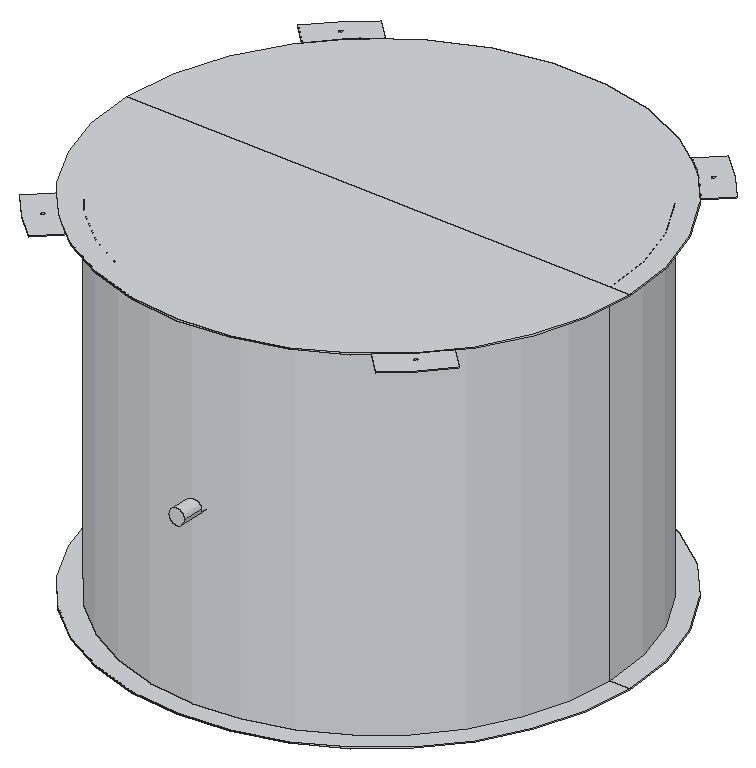
Revit family "VAD_Upblast_Ceiling_Mount", category Mechanical Equipment, Revit 2019
Family settings
  Round Connector Dimension = Use Radius
  Part Type = Normal
  Work Plane-Based = No
  Always vertical = Yes
  Cut with Voids When Loaded = No
  Shared = No
  Room Calculation Point = No
Parameters (values of type "60_VAD_UPBLAST_CEILING")
  Unit Weight [instance] = ""
  ModelID [instance] = ""
  L/2 = L / 2  # 2' - 0 7/32"
  J/2 = J / 2  # 2' - 10 1/4"
  J-A = J - A  # 0' - 8 1/2"
  J = 5' - 8 1/2"
  K/2 = K / 2  # 0' - 0 7/32"
  K = 0' - 0 7/16"
  L-(C/2) = L - (C / 2)  # 1' - 4 13/16"
  L = 4' - 0 7/16"
  H-(A/2) = H - (A / 2)  # 2' - 11"
  H+L = H + L  # 9' - 5 7/16"
  H = 5' - 5"
  Sones [instance] = ""
  Motor RPM [instance] = ""
  Motor Enclosure [instance] = ""
  LwA [instance] = ""
  G = 16' - 0"
  Fan RPM [instance] = ""
  F/2 = F / 2  # 0' - 0 9/32"
  F = 0' - 0 9/16"
  E/2 = E / 2  # 1' - 11"
  E-2" = E - 0' 2"  # 3' - 8"
  E-.125" = E - 0' 0 1/8"  # 3' - 9 7/8"
  E = 3' - 10"
  C/2+L = C / 2 + L  # 6' - 8 1/16"
  C/2 = C / 2  # 2' - 7 5/8"
  C = 5' - 3 1/4"
  B/2 = B / 2  # 2' - 8 23/32"
  B = 5' - 5 7/16"
  Accessories [instance] = ""
  A/3 = A / 2.5  # 2' - 0"
  A/2 = A / 2  # 2' - 6"
  A = 5' - 0"
  60 = 60.00°  # constant formula
  45 = 45.00°
  30 = 30.00°  # constant formula
  3" = 0' - 3"  # constant formula
  Brake Hp [instance] = ""
  4" = 0' - 4"  # constant formula
  2' = 2' - 0"
  2" = 0' - 2"  # constant formula
  1" = 0' - 1"  # constant formula
  0 = 0' - 0"  # constant formula
  Voltage [instance] = 0 V
  URL = "www.lorencook.com"
  Type Comments = "Fixed Pitch Vane Axial Upblast Ceiling Mount Direct Drive Arrangement 4"  # constant formula
  Static Pressure [instance] = 0.00 in-wg
  Power [instance] = Voltage * Motor FLA * sqrt(if(Phase = 3, 3, 1))  # 0 VA
  Phase [instance] = 0
  Number of Poles [instance] = 1
  Motor Hp [instance] = "0"
  Motor FLA [instance] = 0 A
  Model = "VAD"  # constant formula
  Manufacturer = "Loren Cook Company"
  CFM [instance] = 0 CFM
  1.5 = 0' - 1 1/2"  # constant formula
  ONE EIGTH = 0' - 0 1/8"  # constant formula
  -E/2 = -E / 2  # -1' - 11"
  -(E-.25")/2 = -(E - 0' 0 1/4") / 2  # -1' - 10 7/8"
  (L/2)-1" = (L / 2) - 0' 1"  # 1' - 11 7/32"
  (J-A)/2 = (J - A) / 2  # 0' - 4 1/4"
  (J+(J-A))/2 = (J + (J / 2 - A / 2)) / 2  # 3' - 0 3/8"
  (H-(A/2))/2 = (H - (A / 2)) / 2  # 1' - 5 1/2"
  (E-.25")/2 = (E - 0' 0 1/4") / 2  # 1' - 10 7/8"
  (A+.25")/2 = (A + 0' 0 1/4") / 2  # 2' - 6 1/8"
Types (10): name | L/2 | J/2 | J-A | J | K/2 | K | L-(C/2) | L | H-(A/2) | H+L | H | G | F/2 | F | E/2 | E-2" | E-.125" | E | C/2+L | C/2 | C | B/2 | B | A/3 | A/2 | A | -E/2 | -(E-.25")/2 | (L/2)-1" | (J-A)/2 | (J+(J-A))/2 | (H-(A/2))/2 | (E-.25")/2 | (A+.25")/2
  (no name) | 2' - 0 7/32" | 2' - 10 1/4" | 0' - 8 1/2" | 5' - 8 1/2" | 0' - 0 7/32" | 0' - 0 7/16" | 1' - 4 13/16" | 4' - 0 7/16" | 2' - 11" | 9' - 5 7/16" | 5' - 5" | 16' - 0" | 0' - 0 9/32" | 0' - 0 9/16" | 1' - 11" | 3' - 8" | 3' - 9 7/8" | 3' - 10" | 6' - 8 1/16" | 2' - 7 5/8" | 5' - 3 1/4" | 2' - 8 23/32" | 5' - 5 7/16" | 2' - 0" | 2' - 6" | 5' - 0" | -1' - 11" | -1' - 10 7/8" | 1' - 11 7/32" | 0' - 4 1/4" | 3' - 0 3/8" | 1' - 5 1/2" | 1' - 10 7/8" | 2' - 6 1/8"
  18_VAD_UPBLAST_CEILING | 0' - 8 7/32" | 0' - 11 5/8" | 0' - 5 1/4" | 1' - 11 1/4" | 0' - 0 3/16" | 0' - 0 3/8" | 0' - 6 9/16" | 1' - 4 7/16" | 1' - 6 1/4" | 3' - 7 11/16" | 2' - 3 1/4" | 12' - 0" | 0' - 0 7/32" | 0' - 0 7/16" | 0' - 9 1/2" | 1' - 5" | 1' - 6 7/8" | 1' - 7" | 2' - 2 5/16" | 0' - 9 7/8" | 1' - 7 3/4" | 0' - 10 5/8" | 1' - 9 1/4" | 0' - 7.2" | 0' - 9" | 1' - 6" | -0' - 9 1/2" | -0' - 9 3/8" | 0' - 7 7/32" | 0' - 2 5/8" | 1' - 0 15/16" | 0' - 9 1/8" | 0' - 9 3/8" | 0' - 9 1/8"
  21_VAD_UPBLAST_CEILING | 0' - 9 9/32" | 1' - 1 1/8" | 0' - 5 1/4" | 2' - 2 1/4" | 0' - 0 3/16" | 0' - 0 3/8" | 0' - 7 3/16" | 1' - 6 9/16" | 1' - 9" | 4' - 2 1/16" | 2' - 7 1/2" | 12' - 0" | 0' - 0 7/32" | 0' - 0 7/16" | 0' - 10" | 1' - 6" | 1' - 7 7/8" | 1' - 8" | 2' - 5 15/16" | 0' - 11 3/8" | 1' - 10 3/4" | 1' - 0 1/8" | 2' - 0 1/4" | 0' - 8.4" | 0' - 10 1/2" | 1' - 9" | -0' - 10" | -0' - 9 7/8" | 0' - 8 9/32" | 0' - 2 5/8" | 1' - 2 7/16" | 0' - 10 1/2" | 0' - 9 7/8" | 0' - 10 5/8"
  26_VAD_UPBLAST_CEILING | 0' - 11 3/32" | 1' - 3 11/16" | 0' - 5 3/8" | 2' - 7 3/8" | 0' - 0 3/16" | 0' - 0 3/8" | 0' - 8 3/16" | 1' - 10 3/16" | 1' - 9 1/2" | 4' - 8 11/16" | 2' - 10 1/2" | 12' - 0" | 0' - 0 7/32" | 0' - 0 7/16" | 0' - 11" | 1' - 8" | 1' - 9 7/8" | 1' - 10" | 3' - 0 3/16" | 1' - 2" | 2' - 4" | 1' - 3 5/32" | 2' - 6 5/16" | 0' - 10.4" | 1' - 1" | 2' - 2" | -0' - 11" | -0' - 10 7/8" | 0' - 10 3/32" | 0' - 2 11/16" | 1' - 5 1/32" | 0' - 10 3/4" | 0' - 10 7/8" | 1' - 1 1/8"
  29_VAD_UPBLAST_CEILING | 1' - 0 1/2" | 1' - 5 11/16" | 0' - 6 3/8" | 2' - 11 3/8" | 0' - 0 7/32" | 0' - 0 7/16" | 0' - 9 1/2" | 2' - 1" | 2' - 2" | 5' - 5 1/2" | 3' - 4 1/2" | 12' - 0" | 0' - 0 7/32" | 0' - 0 7/16" | 1' - 0 1/2" | 1' - 11" | 2' - 0 7/8" | 2' - 1" | 3' - 4 1/2" | 1' - 3 1/2" | 2' - 7" | 1' - 4 21/32" | 2' - 9 5/16" | 0' - 11.6" | 1' - 2 1/2" | 2' - 5" | -1' - 0 1/2" | -1' - 0 3/8" | 0' - 11 1/2" | 0' - 3 3/16" | 1' - 7 9/32" | 1' - 1" | 1' - 0 3/8" | 1' - 2 5/8"
  36_VAD_UPBLAST_CEILING | 1' - 3 11/32" | 1' - 9 11/16" | 0' - 7 3/8" | 3' - 7 3/8" | 0' - 0 7/32" | 0' - 0 7/16" | 0' - 11 11/16" | 2' - 6 11/16" | 2' - 3 1/2" | 6' - 4 3/16" | 3' - 9 1/2" | 16' - 0" | 0' - 0 9/32" | 0' - 0 9/16" | 1' - 4" | 2' - 6" | 2' - 7 7/8" | 2' - 8" | 4' - 1 11/16" | 1' - 7" | 3' - 2" | 1' - 8 5/32" | 3' - 4 5/16" | 1' - 2.4" | 1' - 6" | 3' - 0" | -1' - 4" | -1' - 3 7/8" | 1' - 2 11/32" | 0' - 3 11/16" | 1' - 11 17/32" | 1' - 1 3/4" | 1' - 3 7/8" | 1' - 6 1/8"
  42_VAD_UPBLAST_CEILING | 1' - 5 3/32" | 2' - 0 3/16" | 0' - 6 3/8" | 4' - 0 3/8" | 0' - 0 7/32" | 0' - 0 7/16" | 1' - 0" | 2' - 10 3/16" | 2' - 5 1/2" | 7' - 0 11/16" | 4' - 2 1/2" | 16' - 0" | 0' - 0 9/32" | 0' - 0 9/16" | 1' - 6 1/2" | 2' - 11" | 3' - 0 7/8" | 3' - 1" | 4' - 8 3/8" | 1' - 10 3/16" | 3' - 8 3/8" | 1' - 10 21/32" | 3' - 9 5/16" | 1' - 4.8" | 1' - 9" | 3' - 6" | -1' - 6 1/2" | -1' - 6 3/8" | 1' - 4 3/32" | 0' - 3 3/16" | 2' - 1 25/32" | 1' - 2 3/4" | 1' - 6 3/8" | 1' - 9 1/8"
  48_VAD_UPBLAST_CEILING | 1' - 7 15/16" | 2' - 4 3/16" | 0' - 8 3/8" | 4' - 8 3/8" | 0' - 0 7/32" | 0' - 0 7/16" | 1' - 2 5/8" | 3' - 3 7/8" | 2' - 6" | 7' - 9 7/8" | 4' - 6" | 16' - 0" | 0' - 0 9/32" | 0' - 0 9/16" | 1' - 9" | 3' - 4" | 3' - 5 7/8" | 3' - 6" | 5' - 5 1/8" | 2' - 1 1/4" | 4' - 2 1/2" | 2' - 2 19/32" | 4' - 5 3/16" | 1' - 7.2" | 2' - 0" | 4' - 0" | -1' - 9" | -1' - 8 7/8" | 1' - 6 15/16" | 0' - 4 3/16" | 2' - 6 9/32" | 1' - 3" | 1' - 8 7/8" | 2' - 0 1/8"
  54_VAD_UPBLAST_CEILING | 1' - 10 3/32" | 2' - 7 1/4" | 0' - 8 1/2" | 5' - 2 1/2" | 0' - 0 7/32" | 0' - 0 7/16" | 1' - 3 15/16" | 3' - 8 3/16" | 2' - 8 1/2" | 8' - 7 11/16" | 4' - 11 1/2" | 16' - 0" | 0' - 0 9/32" | 0' - 0 9/16" | 1' - 11" | 3' - 8" | 3' - 9 7/8" | 3' - 10" | 6' - 0 7/16" | 2' - 4 1/4" | 4' - 8 1/2" | 2' - 5 23/32" | 4' - 11 7/16" | 1' - 9.6" | 2' - 3" | 4' - 6" | -1' - 11" | -1' - 10 7/8" | 1' - 9 3/32" | 0' - 4 1/4" | 2' - 9 3/8" | 1' - 4 1/4" | 1' - 10 7/8" | 2' - 3 1/8"
  60_VAD_UPBLAST_CEILING | 2' - 0 7/32" | 2' - 10 1/4" | 0' - 8 1/2" | 5' - 8 1/2" | 0' - 0 7/32" | 0' - 0 7/16" | 1' - 4 13/16" | 4' - 0 7/16" | 2' - 11" | 9' - 5 7/16" | 5' - 5" | 16' - 0" | 0' - 0 9/32" | 0' - 0 9/16" | 1' - 11" | 3' - 8" | 3' - 9 7/8" | 3' - 10" | 6' - 8 1/16" | 2' - 7 5/8" | 5' - 3 1/4" | 2' - 8 23/32" | 5' - 5 7/16" | 2' - 0" | 2' - 6" | 5' - 0" | -1' - 11" | -1' - 10 7/8" | 1' - 11 7/32" | 0' - 4 1/4" | 3' - 0 3/8" | 1' - 5 1/2" | 1' - 10 7/8" | 2' - 6 1/8"
Reference planes (in)
  plane 1 "Center (Front/Back)": y = 0
  plane 2: z = 0
  plane 3 "Center (Left/Right)": x = 0.40541
Forms (in)
  Revolve 1, solid
    sketch origin (0, 0, 0) x (1, 0, 0) y (0, 0, 1)
      loop
        line (0.40541, 0) -> (33.12416, 0) -> (33.12416, 0.125) -> (30.53041, 0.125) -> (30.53041, 45.875) -> (33.12416, 45.875) -> (33.12416, 46) -> (0.40541, 46) -> (0.40541, 0)
      axis (0.40541, 46) -> (0.40541, 0)
    angle from 0 to 360
  Extrusion 2, solid
    sketch origin (0, 0, 0) x (1, 0, 0) y (0, 1, 0)
      loop
        line (-19.52902, 25.94484) -> (-22.13423, 28.55005)
        arc (-22.13423, 28.55005) -> (-25.3156, 25.72101) -> (-28.14464, 22.53964) r 36.375
        line (-28.14464, 22.53964) -> (-25.53943, 19.93444)
        arc (-25.53943, 19.93444) -> (-22.73024, 23.13565) -> (-19.52902, 25.94484) r 32.71875
      loop
        arc (20.33985, 25.94484) -> (23.54106, 23.13565) -> (26.35026, 19.93444) r 32.71875
        line (26.35026, 19.93444) -> (28.95546, 22.53964)
        arc (28.95546, 22.53964) -> (26.12642, 25.72101) -> (22.94505, 28.55005) r 36.375
        line (22.94505, 28.55005) -> (20.33985, 25.94484)
      loop
        line (20.33985, -25.94484) -> (22.94505, -28.55005)
        arc (22.94505, -28.55005) -> (26.12642, -25.72101) -> (28.95546, -22.53964) r 36.375
        line (28.95546, -22.53964) -> (26.35026, -19.93444)
        arc (26.35026, -19.93444) -> (23.54106, -23.13565) -> (20.33985, -25.94484) r 32.71875
      loop
        arc (-19.52902, -25.94484) -> (-22.73024, -23.13565) -> (-25.53943, -19.93444) r 32.71875
        line (-25.53943, -19.93444) -> (-28.14464, -22.53964)
        arc (-28.14464, -22.53964) -> (-25.3156, -25.72101) -> (-22.13423, -28.55005) r 36.375
        line (-22.13423, -28.55005) -> (-19.52902, -25.94484)
    from 45.875 <- "E-.125"" to 46 <- "E"
  Extrusion 3, void
    sketch origin (0, 0, 0) x (1, 0, 0) y (0, 1, 0)
      loop
        circle (24.62416, 24.21875) r 0.21875
      loop
        circle (-23.81334, 24.21875) r 0.21875
      loop
        circle (-23.81334, -24.21875) r 0.21875
      loop
        circle (24.62416, -24.21875) r 0.21875
    from 0 to 46 <- "E"
  Extrusion 4, solid
    sketch origin (0, 0, 0) x (1, 0, 0) y (0, 0, 1)
      loop
        circle (0.40541, 23) r 1
    from 0 to 32.71875 <- "B/2"
Cuts and joins
  Extrusion 3 cuts Revolve 1
  Extrusion 3 cuts Extrusion 2
Dimensions and locks (in)
  "0": Revolve 1 sketch curve to plane 3 "Center (Left/Right)"  (x2)
  "E": Revolve 1 sketch curve to Revolve 1 sketch curve
  "0": Revolve 1 sketch curve to level
  "ONE EIGTH": Revolve 1 sketch curve to Revolve 1 sketch curve  (x2)
  "(A+.25")/2": Revolve 1 sketch curve to Revolve 1 sketch curve
  "B/2": Revolve 1 sketch curve to Revolve 1 sketch curve  (x2)
  "(J-A)/2": plane 3 "Center (Left/Right)" to Extrusion 2 sketch curve  (x4)
  "(J-A)/2": Extrusion 2 sketch curve to plane 3 "Center (Left/Right)"  (x3)
  "0": Extrusion 2 sketch curve to plane 3 "Center (Left/Right)"  (x6)
  "0": Extrusion 2 sketch curve to plane 1 "Center (Front/Back)"  (x7)
  "0": plane 1 "Center (Front/Back)" to Extrusion 2 sketch curve
  "0": plane 3 "Center (Left/Right)" to Extrusion 2 sketch curve  (x2)
  "J-A": Extrusion 2 sketch curve to Extrusion 2 sketch curve
  "L/2": plane 3 "Center (Left/Right)" to Extrusion 3 sketch curve  (x4)
  "L/2": plane 1 "Center (Front/Back)" to Extrusion 3 sketch curve  (x4)
  "0": Extrusion 4 sketch curve to plane 3 "Center (Left/Right)"
  "E/2": Extrusion 4 sketch curve to level
  "B/2": radius of Extrusion 2 sketch curve  (x4)
  "(J+(J-A))/2": radius of Extrusion 2 sketch curve  (x4)
  "K/2": radius of Extrusion 3 sketch curve  (x4)
  "1"": radius of Extrusion 4 sketch curve
  "45": angle plane 3 "Center (Left/Right)" to Extrusion 2 sketch curve  (x2)
  "45": angle Extrusion 2 sketch curve to plane 1 "Center (Front/Back)"  (x2)
  "45": angle Extrusion 2 sketch curve to plane 3 "Center (Left/Right)"  (x2)
  "45": angle plane 1 "Center (Front/Back)" to Extrusion 2 sketch curve  (x2)
Automatic sketch dimensions
  Revolve 1 sketch curve to level = 0' - 0"
  Revolve 1 sketch curve to Revolve 1 sketch curve = 1' - 0"
Connectors (in)
  hvac at (0.40541, 0, 46), driven by "A/2"
    settings: on cut or joined group of Revolve 1, Extrusion 3, index 2, duct flow 0 CFM, flow factor 0, pres drop 0.00 in-wg, loss coef 0, conn angle 0.00°, conn width 12", conn height 12", conn diameter 60", duct sys type 29, conn prof type 0, flow config 0, flow direction 2, loss method 0, conn ref index -1, conn util no, is conn primary yes, conn desc ""
  hvac at (0.40541, 0, 0.125), driven by "A/2"
    settings: on cut or joined group of Revolve 1, Extrusion 3, index 3, duct flow 0 CFM, flow factor 0, pres drop 0.00 in-wg, loss coef 0, conn angle 0.00°, conn width 12", conn height 12", conn diameter 60", duct sys type 29, conn prof type 0, flow config 0, flow direction 1, loss method 0, conn ref index -1, conn util no, is conn primary no, conn desc ""
  electrical at (0.40541, -32.71875, 23)
    settings: on Extrusion 4, index 4, voltage 0 V, apparent load 0 VA, apparent load phase1 0 VA, apparent load phase2 0 VA, apparent load phase3 0 VA, power factor 1, load classification "Other", number of poles 1, system type 30, power factor state 1, is connector primary yes, connector utility no, sub classification motor no, connector description ""
